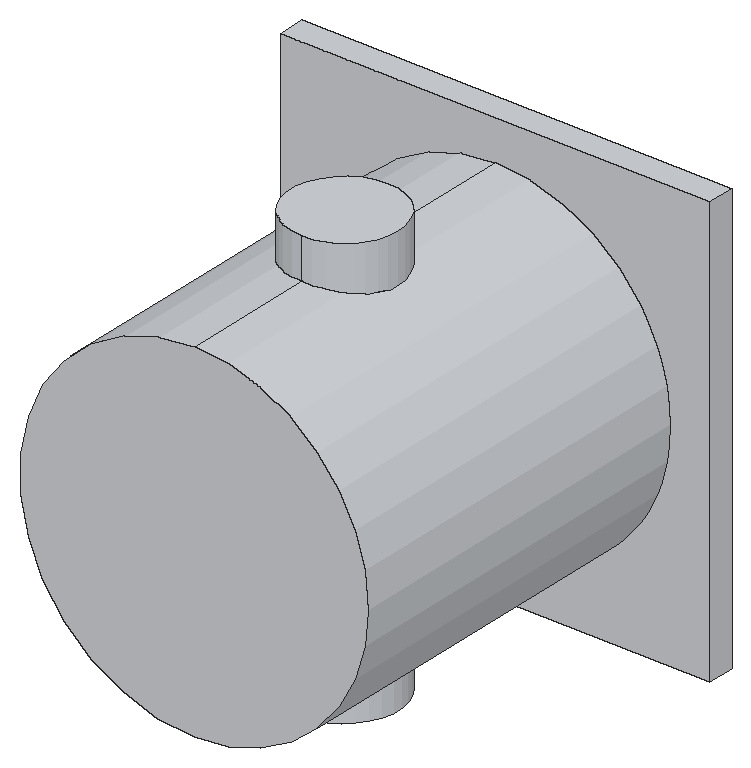
Revit family "EI_Steckdose_1fach_V1700", category Elektroinstallationen, Revit 2017
Family settings
  Beschriftungsausrichtung beibehalten = Nein
  Bemaßung runder Anschluss = Durchmesser verwenden
  Teiletyp = Normal
  OmniClass-Nummer = 23.80.50.11.17
  OmniClass-Titel = Ground Fault Receptacles
  Arbeitsebenenbasiert = Nein
  Immer vertikal = Ja
  Beim Laden mit Abzugskörper schneiden = Ja
  Gemeinsam genutzt = Nein
  Raumberechnungspunkt = Nein
Parameters (values of type "Steckdose 1-fach UFK")
  pbr_Material_KZ = ""
  pbr_Material = none
  pbr_E_Typ = ""
  pbr_E_KZ = ""
  pbr_DINBild = 0
  pbr_Bild = 0
  pbr_3Dx_Delta_Korrekturversatz [instance] = 0 mm
  pbr_3DX_Versatzfaktor [instance] = 0
  pbr_2DY_Versatzfaktor [instance] = 0
  pbr_2DX_Versatzfaktor [instance] = 0
  cpiFitMatchKey [instance] = "E-ST-1fach-1-UNT"
  Zentrale [instance] = ""
  Wirkleistung [instance] = 0 W
  UFK [instance] = yes
  Typ [instance] = ""
  Text3 [instance] = ""
  Text2 [instance] = ""
  Text1 [instance] = ""
  Steckdose 1-fach schaltbar = no
  Steckdose 1-fach mit veriegeltem Schalter = no
  Steckdose 1-fach mit Trenntraffo = no
  Steckdose 1-fach abschließbar = no
  Steckdose 1-fach UFK = yes
  Steckdose 1-fach Reinigung = no
  Steckdose 1-fach Kindersicherung = no
  Steckdose 1-fach EDV-Netz schaltbar = no
  Steckdose 1-fach EDV-Netz UFK = no
  Steckdose 1-fach EDV-Netz BRK = no
  Steckdose 1-fach EDV-Netz = no
  Steckdose 1-fach BRK = no
  Steckdose 1-fach = no
  Spannung [instance] = 0
  Scheinleistung [instance] = 0 VA
  Schaltgruppe2 [instance] = 0
  Schaltgruppe1 [instance] = 0
  Polig [instance] = 1
  Planungsbüro Rohling = "www.pbr.de"
  Nennstrom [instance] = 0
  Menge(Dosenzahl) [instance] = 0
  Linie/Anschluss [instance] = ""
  Leistungsfaktor [instance] = 0
  Lastklassifizierung = none
  Installationsart [instance] = ""
  Info [instance] = ""
  Gleichzeitigkeitsfaktor3 [instance] = 0
  Gleichzeitigkeitsfaktor2 [instance] = 0
  Gleichzeitigkeitsfaktor1 [instance] = 0
  Gewerk [instance] = "Steck"
  Eckversatz [instance] = 0 mm
  YFrontversatz [instance] = if(pbr_2DY_Versatzfaktor = 300, 0 mm, pbr_2DY_Versatzfaktor * 300 mm)  # 0 mm
  XSeitenversatz [instance] = if(pbr_2DX_Versatzfaktor = 0, 3000 mm, 3000 mm + (pbr_2DX_Versatzfaktor * 300 mm)) + Eckversatz  # 3000 mm
  X3Dversatz [instance] = if([3DX_Versatzkontrolle] = 0, 2000 mm, 2000 mm + ([3DX_Versatzkontrolle] * (300 mm - 80 mm))) + pbr_3Dx_Delta_Korrekturversatz  # 2000 mm
  Steckdosenradius = 20 mm
  R_Leerrohranschluss = 10 mm
  Niveau [instance] = 300 mm
  Dosentiefe = 70 mm  # constant formula
  Dosenradius = 65 mm / 2  # 32.5 mm
  D_Leerrohranschluss = 2 * R_Leerrohranschluss  # 20 mm
  BRK [instance] = no
  Anlaufstrom [instance] = 0
  3DX_Versatzkontrolle [instance] = if(pbr_3DX_Versatzfaktor = 0, (pbr_2DX_Versatzfaktor * -1), (((-1 * pbr_3DX_Versatzfaktor) + pbr_2DX_Versatzfaktor) * -1))  # 0
  Platzierrahmen [instance] = no
Types (13, lengths in mm): name | UFK | Steckdose 1-fach schaltbar | Steckdose 1-fach mit veriegeltem Schalter | Steckdose 1-fach mit Trenntraffo | Steckdose 1-fach abschließbar | Steckdose 1-fach UFK | Steckdose 1-fach Reinigung | Steckdose 1-fach Kindersicherung | Steckdose 1-fach EDV-Netz schaltbar | Steckdose 1-fach EDV-Netz UFK | Steckdose 1-fach EDV-Netz BRK | Steckdose 1-fach EDV-Netz | Steckdose 1-fach BRK | Steckdose 1-fach | BRK
  Steckdose 1-fach | no | no | no | no | no | no | no | no | no | no | no | no | no | yes | no
  Steckdose 1-fach BRK | no | no | no | no | no | no | no | no | no | no | no | no | yes | no | yes
  Steckdose 1-fach EDV-Netz | no | no | no | no | no | no | no | no | no | no | no | yes | no | no | no
  Steckdose 1-fach EDV-Netz BRK | no | no | no | no | no | no | no | no | no | no | yes | no | no | no | yes
  Steckdose 1-fach EDV-Netz UFK | yes | no | no | no | no | no | no | no | no | yes | no | no | no | no | no
  Steckdose 1-fach EDV-Netz schaltbar | no | no | no | no | no | no | no | no | yes | no | no | no | no | no | no
  Steckdose 1-fach Kindersicherung | no | no | no | no | no | no | no | yes | no | no | no | no | no | no | no
  Steckdose 1-fach Reinigung | no | no | no | no | no | no | yes | no | no | no | no | no | no | no | no
  Steckdose 1-fach UFK | yes | no | no | no | no | yes | no | no | no | no | no | no | no | no | no
  Steckdose 1-fach abschließbar | no | no | no | no | yes | no | no | no | no | no | no | no | no | no | no
  Steckdose 1-fach mit Trenntraffo | no | no | no | yes | no | no | no | no | no | no | no | no | no | no | no
  Steckdose 1-fach mit veriegeltem Schalter | no | no | yes | no | no | no | no | no | no | no | no | no | no | no | no
  Steckdose 1-fach schaltbar | no | yes | no | no | no | no | no | no | no | no | no | no | no | no | no
Reference planes
  plane 1 "Mitte (Vorne/Hinten)": y = 0
  plane 2: z = 0
  plane 3 "Mitte (Links/Rechts)": x = 0
  plane 4: x = -125
  plane 5: x = 125
  plane 6: y = 306.417
  plane 7 "Schalterhinten": y = 0
  plane 8: x = -3000
  plane 9: x = 0
  plane 10: x = -2000
  plane 11: x = -40
  plane 12: x = 40
  plane 13: z = 340
  plane 14: z = 260
  plane 15 "SchalterVorne": y = 5
  plane 16 "3DSchalterMitte": x = 0
  plane 17: z = 300
  plane 18: y = -70
  plane 19: y = -35
  plane 20: y = 176.417
  plane 21: y = 930
  plane 22: x = -115
  plane 23: y = 180
Forms (mm)
  Extrusion 1, solid
    sketch origin (0, 20, 0) x (0, 0, 1) y (-1, 0, 0)
      loop
        line (260, 40) -> (260, -40) -> (340, -40) -> (340, 40) -> (260, 40)
    from 15 to 20
  Sweep 2, solid
    path origin (0, 0, 0) x (0, 0, 1) y (0, -1, 0)
      loop
        line (300, 0) -> (300, 70)
    profile origin (0, -35, 300) x (0, 0, -1) y (1, 0, 0)
      loop
        circle (0, 0) r 32.5
  Sweep 3, solid
    path origin (0, 0, 0) x (0, 0, 1) y (0, -1, 0)
      loop
        line (260, 35) -> (340, 35)
    profile origin (0, -35, 300) x (0, -1, 0) y (1, 0, 0)
      loop
        circle (0, 0) r 10
  Sweep 4, void
    path origin (0, 0, 0) x (1, 0, 0) y (0, 1, 0)
      loop
        line (0, 0) -> (0, 5)
    profile origin (0, 2.5, 0) x (-1, 0, 0) y (0, 0, 1)
      loop
        circle (0, 300) r 20
Cuts and joins
  Sweep 4 cuts Extrusion 1
  joined: Extrusion 1, Sweep 2, Sweep 3
Lines and regions (mm)
  model lines, visible <- "Platzierrahmen"
    curve 1: line (-125.027, 0, 0) -> (124.983, 0, 0)
Dimensions and locks
  plane 4 to plane 5 = 250 mm
  plane 6 to plane 7 "Schalterhinten" = 306.417 mm
  equal spacing: plane 4, plane 9, plane 5, locked at 125 each
  "XSeitenversatz": plane 8 to plane 9
  plane 8 to plane 3 "Mitte (Links/Rechts)" = 3000 mm
  "YFrontversatz": plane 1 "Mitte (Vorne/Hinten)" to plane 7 "Schalterhinten"
  plane 12 to plane 11 = 80 mm
  plane 13 to plane 14 = 80 mm
  plane 9 to plane 10 = 2000 mm
  equal spacing: plane 12, plane 16 "3DSchalterMitte", plane 11
  "X3Dversatz": plane 16 "3DSchalterMitte" to plane 10
  equal spacing: plane 13, plane 17, plane 14
  "Niveau": plane 17 to level
  "Dosentiefe": plane 1 "Mitte (Vorne/Hinten)" to plane 18
  plane 15 "SchalterVorne" to plane 1 "Mitte (Vorne/Hinten)" = 5 mm
  equal spacing: plane 18, plane 19, plane 1 "Mitte (Vorne/Hinten)"
  plane 13 to Sweep 4 sketch curve = 40 mm
  locked: plane 6 to plane 20 at 130
  locked: plane 22 to plane 9 at 115
  locked: plane 23 to cut or joined group of Extrusion 1, Sweep 2, Sweep 3, Sweep 4 at 175
  "Dosenradius": radius of Sweep 2 sketch curve
  "R_Leerrohranschluss": radius of Sweep 3 sketch curve
  "Steckdosenradius": radius of Sweep 4 sketch curve
  aligned and locked: level to plane 2
  aligned and locked: plane 14 to Extrusion 1 sketch curve
  aligned and locked: Extrusion 1 sketch curve to plane 11
  aligned and locked: Extrusion 1 sketch curve to plane 13
  aligned and locked: plane 12 to Extrusion 1 sketch curve
  aligned and locked: plane 1 "Mitte (Vorne/Hinten)" to Extrusion 1
  aligned and locked: Extrusion 1 to plane 15 "SchalterVorne"
  aligned and locked: plane 16 "3DSchalterMitte" to Sweep 4 sketch curve
  aligned and locked: Sweep 4 sketch curve to cut or joined group of Extrusion 1, Sweep 2, Sweep 3, Sweep 4
  aligned and locked: nested 1 to plane 9
  aligned and locked: nested 2 to plane 9
  aligned and locked: nested 2 to plane 7 "Schalterhinten"
  aligned and locked: nested 3 to plane 9
  aligned and locked: nested 3 to plane 7 "Schalterhinten"
  aligned and locked: nested 4 to plane 9
  aligned and locked: nested 4 to plane 7 "Schalterhinten"
  aligned and locked: nested 5 to plane 9
  aligned and locked: nested 5 to plane 7 "Schalterhinten"
  aligned and locked: nested 6 to plane 9
  aligned and locked: nested 6 to plane 7 "Schalterhinten"
  aligned and locked: nested 7 to plane 9
  aligned and locked: nested 7 to plane 7 "Schalterhinten"
  aligned and locked: nested 8 to plane 9
  aligned and locked: nested 8 to plane 7 "Schalterhinten"
  aligned and locked: nested 9 to plane 9
  aligned and locked: nested 9 to plane 7 "Schalterhinten"
  aligned and locked: nested 10 to plane 9
  aligned and locked: nested 10 to plane 7 "Schalterhinten"
  aligned and locked: nested 11 to plane 9
  aligned and locked: nested 11 to plane 7 "Schalterhinten"
  aligned and locked: nested 13 to plane 9
  aligned and locked: nested 13 to plane 7 "Schalterhinten"
  aligned and locked: nested 12 to plane 9
  aligned and locked: nested 12 to plane 7 "Schalterhinten"
  aligned and locked: nested 15 to nested 1
  aligned and locked: plane 20 to nested 2
  aligned and locked: nested 15 to plane 9
  aligned and locked: nested 15 to plane 20
  aligned and locked: nested 14 to plane 9
  aligned and locked: nested 14 to plane 20
Automatic sketch dimensions
  Sweep 3 sketch curve to plane 14 = 0 mm
  plane 13 to Sweep 3 sketch curve = 0 mm
  Sweep 3 sketch curve to plane 19 = 0 mm
  Sweep 3 sketch curve to plane 16 "3DSchalterMitte" = 0 mm
  Sweep 3 sketch curve to profile plane = 0 mm
  Sweep 2 sketch curve to plane 17 = 0 mm
  Sweep 2 sketch curve to plane 1 "Mitte (Vorne/Hinten)" = 0 mm
  Sweep 2 sketch curve to plane 18 = 0 mm
  Sweep 2 sketch curve to plane 16 "3DSchalterMitte" = 0 mm
  Sweep 2 sketch curve to profile plane = 0 mm
  plane 1 "Mitte (Vorne/Hinten)" to Sweep 4 sketch curve = 0 mm
  plane 7 "Schalterhinten" to curve 1 = 0 mm
  curve 1 to plane 4 = 0.027 mm
  curve 1 to plane 5 = 0.017 mm
  Sweep 4 sketch curve to profile plane = 0 mm
Nested families
  nested 1: "Steckdose 1fach" at (0, 0, 0), visible <- "Steckdose 1-fach", type "Steckdose 1fach"
  nested 2: "Steckdose 1-fach BRK" at (0, 0, 0), visible <- "Steckdose 1-fach BRK", type "Steckdose 1-fach BRK"
  nested 3: "Steckdose 1fach EDV schaltbar" at (0, 0, 0), visible <- "Steckdose 1-fach EDV-Netz schaltbar", type "Steckdose 1fach EDV schaltbar"
  nested 4: "Steckdose 1fach EDV" at (0, 0, 0), visible <- "Steckdose 1-fach EDV-Netz", type "Steckdose 1fach EDV"
  nested 5: "Steckdose 1-fach BRK (EDV)" at (0, 0, 0), visible <- "Steckdose 1-fach EDV-Netz BRK", type "Steckdose 1-fach BRK (EDV)"
  nested 6: "Steckdose 1-fach UFK (EDV)" at (0, 0, 0), visible <- "Steckdose 1-fach EDV-Netz UFK", type "Steckdose 1-fach UFK (EDV)"
  nested 7: "Steckdose 1fach Reinigung" at (0, 0, 0), visible <- "Steckdose 1-fach Reinigung", type "Steckdose 1fach Reinigung"
  nested 8: "Steckdose 1fach schaltbar" at (0, 0, 0), visible <- "Steckdose 1-fach schaltbar", type "Steckdose 1fach schaltbar"
  nested 9: "Steckdose 1-fach UFK" at (0, 0, 0), visible <- "Steckdose 1-fach UFK", type "Steckdose 1-fach UFK"
  nested 10: "Steckdose 1-fach abschließbar" at (0, 0, 0), visible <- "Steckdose 1-fach abschließbar", type "Steckdose 1-fach abschließbar"
  nested 11: "Steckdose 1-fach mit Kindersicherung" at (0, 0, 0), visible <- "Steckdose 1-fach Kindersicherung", type "Steckdose 1-fach mit Kindersicherung"
  nested 12: "Steckdose 1-fach mit Trenntrafo" at (0, 0, 0), visible <- "Steckdose 1-fach mit Trenntraffo", type "Steckdose 1-fach mit Trenntrafo"
  nested 13: "Steckdose 1-fach mit veriegeltem Schalter" at (0, 0, 0), visible <- "Steckdose 1-fach mit veriegeltem Schalter", type "Steckdose 1-fach mit veriegeltem Schalter"
  nested 14: "BRK-zy" at (0, 176.417, 0), visible <- "BRK", type "BRK-zy"
  nested 15: "UFK" at (0, 176.417, 0), visible <- "UFK", type "UFK"
Connectors
  electrical at (0, -35, 340)
    settings: on cut or joined group of Extrusion 1, Sweep 2, Sweep 3, Sweep 4, index 1, voltage 230 V, apparent load 200 VA, apparent load phase1 200 VA, apparent load phase2 0 VA, apparent load phase3 0 VA, power factor 1, load classification "Steckdose", number of poles 1, system type 30, power factor state 1, is connector primary yes, connector utility no, sub classification motor no, connector description ""
  cabletrayconduit at (0, -35, 340), diameter 20, driven by "D_Leerrohranschluss"
    settings: on cut or joined group of Extrusion 1, Sweep 2, Sweep 3, Sweep 4, index 2, connector width 300 mm, connector height 300 mm, connector angle 0.00°, system type 32, placement type 0, profile type 0, connector reference index -1, is primary connector yes, connector utility param no, connector description ""
  cabletrayconduit at (0, -35, 260), diameter 20, driven by "D_Leerrohranschluss"
    settings: on cut or joined group of Extrusion 1, Sweep 2, Sweep 3, Sweep 4, index 3, connector width 300 mm, connector height 300 mm, connector angle 0.00°, system type 32, placement type 0, profile type 0, connector reference index -1, is primary connector no, connector utility param no, connector description ""
Definition of nested family "Steckdose 1fach"
  Reference planes
    plane 1 "Mitte (Vorne/Hinten)": y = 0
    plane 2: z = 0
    plane 3 "Mitte (Links/Rechts)": x = 0
  Lines and regions (mm)
    detail lines, in view "Referenzebene"
      curve 1: arc (-125, 300, 0) -> (0, 175, 0) -> (125, 300, 0) r 125
      curve 2: line (123.393, 176.417, 0) -> (-124.874, 176.417, 0)
      curve 3: line (0, 0, 0) -> (0, 175, 0)
Definition of nested family "Steckdose 1-fach BRK"
  Reference planes
    plane 1 "Mitte (Vorne/Hinten)": y = 0
    plane 2: z = 0
    plane 3 "Mitte (Links/Rechts)": x = 0
  Lines and regions (mm)
    detail lines, in view "Referenzebene"
      curve 1: arc (-125, 300, 0) -> (0, 175, 0) -> (125, 300, 0) r 125
      curve 2: line (123.393, 176.417, 0) -> (-124.874, 176.417, 0)
      curve 3: line (0, 0, 0) -> (0, 175, 0)
Definition of nested family "Steckdose 1fach EDV schaltbar"
  Reference planes
    plane 1 "Mitte (Vorne/Hinten)": y = 0
    plane 2: z = 0
    plane 3 "Mitte (Links/Rechts)": x = 0
  Lines and regions (mm)
    Filled region 1, type "Beton", in view "Referenzebene"
      outline origin (0, 0, 0) x (1, 0, 0) y (0, 1, 0)
        loop
          circle (0, 221.398) r 40.027
    detail lines, in view "Referenzebene"
      curve 1: arc (-125, 300, 0) -> (0, 175, 0) -> (125, 300, 0) r 125
      curve 2: line (123.393, 176.417, 0) -> (-124.874, 176.417, 0)
      curve 3: line (0, 0, 0) -> (0, 175, 0)
      curve 4: line (0, 175, 0) -> (-88.177, 23.839, 0)
      curve 5: line (-88.177, 23.839, 0) -> (-131.366, 49.032, 0)
Definition of nested family "Steckdose 1fach EDV"
  Reference planes
    plane 1 "Mitte (Vorne/Hinten)": y = 0
    plane 2: z = 0
    plane 3 "Mitte (Links/Rechts)": x = 0
  Lines and regions (mm)
    Filled region 1, type "Beton", in view "Referenzebene"
      outline origin (0, 0, 0) x (1, 0, 0) y (0, 1, 0)
        loop
          circle (0, 221.398) r 40.025
    detail lines, in view "Referenzebene"
      curve 1: arc (-125, 300, 0) -> (0, 175, 0) -> (125, 300, 0) r 125
      curve 2: line (123.393, 176.417, 0) -> (-124.874, 176.417, 0)
      curve 3: line (0, 0, 0) -> (0, 175, 0)
Definition of nested family "Steckdose 1-fach BRK (EDV)"
  Reference planes
    plane 1 "Mitte (Vorne/Hinten)": y = 0
    plane 2: z = 0
    plane 3 "Mitte (Links/Rechts)": x = 0
  Lines and regions (mm)
    Filled region 1, type "Flächenfüllung Schwarz", in view "Referenzebene"
      outline origin (0, 0, 0) x (1, 0, 0) y (0, 1, 0)
        loop
          circle (0, 230.63) r 40.647
    detail lines, in view "Referenzebene"
      curve 1: arc (-125, 300, 0) -> (0, 175, 0) -> (125, 300, 0) r 125
      curve 2: line (123.393, 176.417, 0) -> (-124.874, 176.417, 0)
      curve 3: line (0, 0, 0) -> (0, 175, 0)
Definition of nested family "Steckdose 1-fach UFK (EDV)"
  Reference planes
    plane 1 "Mitte (Vorne/Hinten)": y = 0
    plane 2: z = 0
    plane 3 "Mitte (Links/Rechts)": x = 0
  Lines and regions (mm)
    Filled region 1, type "Flächenfüllung Schwarz", in view "Referenzebene"
      outline origin (0, 0, 0) x (1, 0, 0) y (0, 1, 0)
        loop
          circle (0, 236.398) r 40.023
    detail lines, in view "Referenzebene"
      curve 1: arc (-125, 300, 0) -> (0, 175, 0) -> (125, 300, 0) r 125
      curve 2: line (123.393, 176.417, 0) -> (-124.874, 176.417, 0)
      curve 3: line (0, 0, 0) -> (0, 175, 0)
Definition of nested family "Steckdose 1fach Reinigung"
  Parameters (values of type "Steckdose 1fach Reinigung")
    R = yes
  Reference planes
    plane 1 "Mitte (Vorne/Hinten)": y = 0
    plane 2: z = 0
    plane 3 "Mitte (Links/Rechts)": x = 0
  Lines and regions (mm)
    Filled region 1, type "Beton", in view "Referenzebene", visible <- "R"
      outline origin (-553.72, -921.21, 0) x (1, 0, 0) y (0, 1, 0)
        loop
          line (713.794, 1100.728) -> (713.794, 1041.738) -> (778.794, 1041.738)
          arc (778.794, 1041.738) -> (808.289, 1071.233) -> (778.794, 1100.728) r 29.495
          line (778.794, 1100.728) -> (713.794, 1100.728)
        loop
          line (690.435, 1120.011) -> (690.435, 942.626) -> (713.812, 942.626) -> (713.812, 1021.355) -> (743.347, 1021.355)
          spline (743.347, 1021.355) -> (751.614, 1020.86) -> (756.113, 1019.813) -> (759.33, 1018.707) -> (762.096, 1017.398) -> (764.706, 1015.734) -> (767.134, 1013.913) -> (769.382, 1012.01) -> (771.552, 1009.882) -> (773.807, 1007.385) -> (776.374, 1004.38) -> (779.743, 1000.215) -> (784.766, 993.509)
          line (784.766, 993.509) -> (816.561, 942.626) -> (846.561, 942.626) -> (821.191, 983.227)
          spline (821.191, 983.227) -> (816.586, 989.79) -> (812.548, 995.47) -> (808.977, 1000.333) -> (805.775, 1004.443) -> (802.869, 1007.863) -> (800.322, 1010.622) -> (798.247, 1012.742) -> (796.706, 1014.271) -> (795.338, 1015.488) -> (793.55, 1016.814) -> (790.594, 1018.833) -> (782.879, 1023.344)
          arc (782.879, 1023.344) -> (831.213, 1071.678) -> (782.879, 1120.011) r 48.334
          line (782.879, 1120.011) -> (690.435, 1120.011)
    detail lines, in view "Referenzebene"
      curve 1: arc (-125, 300, 0) -> (0, 175, 0) -> (125, 300, 0) r 125
      curve 2: line (123.393, 176.417, 0) -> (-124.874, 176.417, 0)
      curve 3: line (0, 0, 0) -> (0, 175, 0)
Definition of nested family "Steckdose 1fach schaltbar"
  Reference planes
    plane 1 "Mitte (Vorne/Hinten)": y = 0
    plane 2: z = 0
    plane 3 "Mitte (Links/Rechts)": x = 0
  Lines and regions (mm)
    detail lines, in view "Referenzebene"
      curve 1: arc (-125, 300, 0) -> (0, 175, 0) -> (125, 300, 0) r 125
      curve 2: line (123.393, 176.417, 0) -> (-124.874, 176.417, 0)
      curve 3: line (0, 0, 0) -> (0, 175, 0)
      curve 4: line (0, 175, 0) -> (-88.177, 23.839, 0)
      curve 5: line (-88.177, 23.839, 0) -> (-131.366, 49.032, 0)
Definition of nested family "Steckdose 1-fach UFK"
  Reference planes
    plane 1 "Mitte (Vorne/Hinten)": y = 0
    plane 2: z = 0
    plane 3 "Mitte (Links/Rechts)": x = 0
  Lines and regions (mm)
    detail lines, in view "Referenzebene"
      curve 1: arc (-125, 300, 0) -> (0, 175, 0) -> (125, 300, 0) r 125
      curve 2: line (123.393, 176.417, 0) -> (-124.874, 176.417, 0)
      curve 3: line (0, 0, 0) -> (0, 175, 0)
Definition of nested family "Steckdose 1-fach abschließbar"
  Reference planes
    plane 1 "Mitte (Vorne/Hinten)": y = 0
    plane 2: z = 0
    plane 3 "Mitte (Links/Rechts)": x = 0
  Lines and regions (mm)
    Filled region 1, type "Flächenfüllung Schwarz", in view "Referenzebene"
      outline origin (0, 0, 0) x (1, 0, 0) y (0, 1, 0)
        loop
          line (41.008, 307.303) -> (-38.992, 307.471) -> (-23.389, 261.403)
          arc (-23.389, 261.403) -> (-0.007, 186.509) -> (24.108, 261.17) r 41.16
          line (24.108, 261.17) -> (41.008, 307.303)
    detail lines, in view "Referenzebene"
      curve 1: arc (-125, 300, 0) -> (0, 175, 0) -> (125, 300, 0) r 125
      curve 2: line (123.393, 176.417, 0) -> (-124.874, 176.417, 0)
      curve 3: line (0, 0, 0) -> (0, 175, 0)
Definition of nested family "Steckdose 1-fach mit Kindersicherung"
  Reference planes
    plane 1 "Mitte (Vorne/Hinten)": y = 0
    plane 2: z = 0
    plane 3 "Mitte (Links/Rechts)": x = 0
  Lines and regions (mm)
    detail lines, in view "Referenzebene"
      curve 1: arc (-125, 300, 0) -> (0, 175, 0) -> (125, 300, 0) r 125
      curve 2: line (123.393, 176.417, 0) -> (-124.874, 176.417, 0)
      curve 3: line (0, 0, 0) -> (0, 175, 0)
      curve 4: line (-133.955, 300, 0) -> (133.955, 300, 0)
      curve 5: line (-133.955, 300, 0) -> (-133.955, 290, 0)
      curve 6: line (133.955, 300, 0) -> (133.955, 290, 0)
  Dimensions and locks
    equal spacing: curve 4, plane 3 "Mitte (Links/Rechts)", curve 4
Definition of nested family "Steckdose 1-fach mit Trenntrafo"
  Reference planes
    plane 1 "Mitte (Vorne/Hinten)": y = 0
    plane 2: z = 0
    plane 3 "Mitte (Links/Rechts)": x = 0
  Lines and regions (mm)
    detail lines, in view "Referenzebene"
      curve 1: circle (0, 135.842, 0) r 70 normal (0, 0, 1)
      curve 2: arc (-125, 300, 0) -> (0, 175, 0) -> (125, 300, 0) r 125
      curve 3: line (0, 0, 0) -> (0, 65.842, 0)
Definition of nested family "Steckdose 1-fach mit veriegeltem Schalter"
  Reference planes
    plane 1 "Mitte (Vorne/Hinten)": y = 0
    plane 2: z = 0
    plane 3 "Mitte (Links/Rechts)": x = 0
  Lines and regions (mm)
    Filled region 1, type "Beton", in view "Referenzebene"
      outline origin (-387.042, -302.041, 0) x (1, 0, 0) y (0, 1, 0)
        loop
          line (387.042, 393.003) -> (387.042, 483.965) -> (354.584, 393.003) -> (387.042, 393.003)
    detail lines, in view "Referenzebene"
      curve 1: arc (-106.477, 300, 0) -> (1.523, 181.913, 0) -> (109.523, 300, 0) r 108.431
      curve 2: line (-105.777, 39.826, 0) -> (-57.835, 19.84, 0)
      curve 3: line (-57.835, 19.84, 0) -> (0, 181.923, 0)
      curve 4: line (0, 181.923, 0) -> (0, 0, 0)
      curve 5: line (-108, 181.923, 0) -> (108, 181.923, 0)
      curve 6: line (0, 90.962, 0) -> (-32.457, 90.962, 0)
      curve 7: line (-32.457, 90.962, 0) -> (0, 181.923, 0)
      curve 8: line (0, 181.923, 0) -> (0, 90.962, 0)
Definition of nested family "BRK-zy"
  Reference planes
    plane 1 "Mitte (Vorne/Hinten)": y = 0
    plane 2: z = 0
    plane 3 "Mitte (Links/Rechts)": x = 0
  Lines and regions (mm)
    Filled region 1, type "Beton", in view "Referenzebene"
      outline origin (539.15, -158.575, 0) x (1, 0, 0) y (0, 1, 0)
        loop
          line (-638.04, 266.989) -> (-679.15, 266.989) -> (-679.15, 158.574) -> (-636.316, 158.574)
          spline (-636.316, 158.574) -> (-626.443, 159.267) -> (-617.971, 161.014) -> (-610.613, 164.279) -> (-606.012, 167.95) -> (-602.271, 172.689) -> (-599.32, 178.439) -> (-597.676, 185.155) -> (-597.459, 192.969) -> (-599.449, 201.042) -> (-604.127, 208.289) -> (-610.999, 213.484) -> (-617.681, 216.267)
          line (-617.681, 216.267) -> (-615.846, 217.243)
          spline (-615.846, 217.243) -> (-609.205, 222.214) -> (-605.4, 227.651) -> (-603.344, 233.155) -> (-602.636, 238.364) -> (-602.9, 243.186) -> (-603.939, 247.729) -> (-606.044, 252.309) -> (-609.139, 256.732) -> (-612.692, 260.237) -> (-617.076, 263.006) -> (-623.895, 265.483) -> (-638.04, 266.989)
        loop
          spline (-639.726, 221.457) -> (-630.222, 222.068) -> (-624.194, 223.986) -> (-620.343, 226.832) -> (-617.917, 230.087) -> (-616.735, 234.29) -> (-616.741, 239.406) -> (-617.907, 244.45) -> (-620.283, 248.699) -> (-623.991, 251.689) -> (-629.277, 253.374) -> (-636.36, 254.063) -> (-642.321, 254.177)
          line (-642.321, 254.177) -> (-664.789, 254.177) -> (-664.789, 221.457) -> (-639.726, 221.457)
        loop
          line (-638.674, 208.641) -> (-664.895, 208.641) -> (-664.895, 170.848) -> (-637.406, 170.848)
          spline (-637.406, 170.848) -> (-627.776, 171.794) -> (-621.65, 173.798) -> (-617.559, 176.472) -> (-614.522, 180.469) -> (-612.377, 185.516) -> (-612.088, 190.343) -> (-612.596, 194.957) -> (-614.808, 200.028) -> (-618.382, 204.115) -> (-622.557, 206.293) -> (-628.787, 207.83) -> (-638.674, 208.641)
        loop
          line (-529.551, 266.973) -> (-578.398, 266.973) -> (-578.398, 158.608) -> (-564.066, 158.608) -> (-564.066, 206.696) -> (-546.23, 206.696)
          spline (-546.23, 206.696) -> (-542.191, 206.527) -> (-539.274, 206.111) -> (-537.247, 205.585) -> (-535.877, 205.087) -> (-534.938, 204.695) -> (-534.214, 204.325) -> (-533.493, 203.862) -> (-532.563, 203.192) -> (-531.264, 202.178) -> (-529.555, 200.626) -> (-527.414, 198.338) -> (-524.816, 195.112)
          line (-524.816, 195.112) -> (-500.934, 158.577) -> (-482.891, 158.577) -> (-503.364, 190.735)
          spline (-503.364, 190.735) -> (-505.698, 193.612) -> (-507.539, 195.86) -> (-508.99, 197.598) -> (-510.154, 198.947) -> (-511.136, 200.025) -> (-512.039, 200.952) -> (-512.967, 201.843) -> (-514.039, 202.771) -> (-515.38, 203.79) -> (-517.113, 204.948) -> (-519.363, 206.298) -> (-522.255, 207.89)
          line (-522.255, 207.89) -> (-517.893, 208.581)
          spline (-517.893, 208.581) -> (-507.849, 211.731) -> (-500.623, 216.482) -> (-495.789, 222.528) -> (-492.986, 229.331) -> (-491.884, 236.223) -> (-492.205, 242.682) -> (-493.829, 248.65) -> (-496.671, 254.157) -> (-500.736, 259.042) -> (-506.15, 262.907) -> (-514.311, 265.505) -> (-529.551, 266.973)
        loop
          line (-529.897, 255.069) -> (-564.066, 255.069) -> (-564.066, 219.325) -> (-529.066, 219.325)
          spline (-529.066, 219.325) -> (-520.275, 220.284) -> (-515.034, 222.484) -> (-511.481, 225.117) -> (-509.013, 228.173) -> (-507.352, 231.791) -> (-506.482, 235.802) -> (-506.506, 239.893) -> (-507.557, 243.86) -> (-509.811, 247.662) -> (-513.523, 251.217) -> (-519.726, 253.966) -> (-529.897, 255.069)
        loop
          line (-456.682, 267.004) -> (-471.06, 267.004) -> (-471.06, 158.59) -> (-456.682, 158.59) -> (-456.682, 196.142) -> (-438.905, 213.442) -> (-400.297, 158.575) -> (-381.383, 158.575) -> (-428.872, 223.042) -> (-383.36, 266.992) -> (-402.775, 266.992) -> (-456.682, 213.085) -> (-456.682, 267.004)
    detail lines, in view "Referenzebene"
      curve 1: line (-24.916, 96.493, 0) -> (-24.916, 60.749, 0)
Definition of nested family "UFK"
  Reference planes
    plane 1 "Mitte (Vorne/Hinten)": y = 0
    plane 2: z = 0
    plane 3 "Mitte (Links/Rechts)": x = 0
  Lines and regions (mm)
    Filled region 1, type "Beton", in view "Referenzebene"
      outline origin (439.043, -708.358, 0) x (1, 0, 0) y (0, 1, 0)
        loop
          line (-479.713, 828.704) -> (-479.713, 708.358) -> (-464.043, 708.358) -> (-464.043, 764.158) -> (-408.58, 764.158) -> (-408.58, 778.049) -> (-464.043, 778.049) -> (-464.043, 814.747) -> (-399.9, 814.747) -> (-399.9, 828.704) -> (-479.713, 828.704)
        loop
          line (-366.002, 828.704) -> (-384.463, 828.704) -> (-384.463, 708.358) -> (-366.002, 708.358) -> (-366.002, 751.381) -> (-346.514, 770.2) -> (-303.212, 708.358) -> (-283.212, 708.358) -> (-335.573, 780.766) -> (-285.932, 828.704) -> (-307.073, 828.704) -> (-366.002, 769.775) -> (-366.002, 828.704)
        loop
          line (-582.609, 828.704) -> (-598.269, 828.704) -> (-598.269, 764.158)
          spline (-598.269, 764.158) -> (-595.279, 734.887) -> (-587.263, 721.01) -> (-579.125, 714.285) -> (-570.883, 710.856) -> (-560.782, 708.909) -> (-549.303, 708.266) -> (-537.956, 709.506) -> (-527.694, 712.819) -> (-519.135, 718.227) -> (-512.38, 726.139) -> (-507.336, 738.101) -> (-505.239, 762.397)
          line (-505.239, 762.397) -> (-505.239, 828.704) -> (-520.239, 828.704) -> (-520.239, 768.704)
          spline (-520.239, 768.704) -> (-523.252, 739.877) -> (-529.81, 728.792) -> (-536.358, 725.028) -> (-542.513, 723.17) -> (-550.315, 722.421) -> (-558.636, 722.79) -> (-565.777, 724.492) -> (-572.051, 727.597) -> (-577.438, 732.766) -> (-580.996, 741.573) -> (-582.394, 755.323) -> (-582.609, 774.672)
          line (-582.609, 774.672) -> (-582.609, 828.704)
    detail lines, in view "Referenzebene"
      curve 1: line (-25, 106.389, 0) -> (-25, 69.691, 0)
